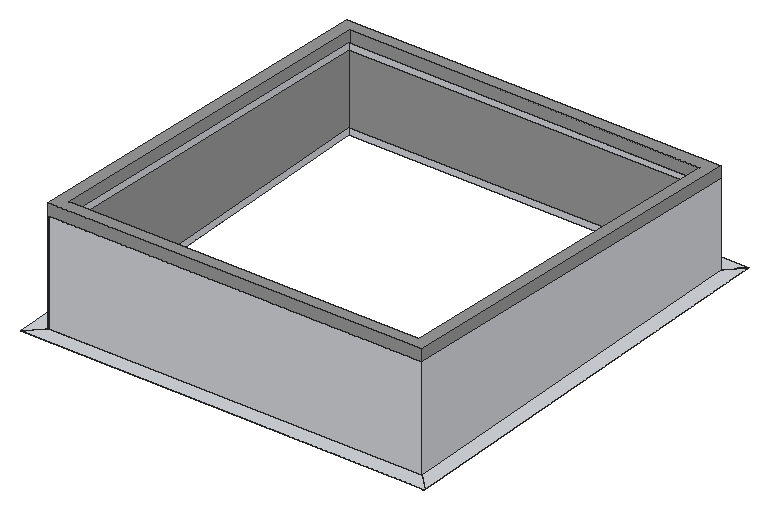
Revit family "UCC-3 (Sloped Roof)", category Mechanical Equipment, Revit 2015
Parameters
  URL = "https://unitedenertech.com/catalog/pdf/M_3%20UCC-3.pdf"
  Type Comments = "Consult Factory for Max. Sizes"
  Roof Slope (Degrees) = 3.00°
  Model = "UCC-3"
  Manufacturer = "United Enertech Corporation"
  Height (12" Standard) = 1' - 0"
  Description = "Conventional Roof Curb (for Sloped Roofs)"
  B Side O.D. = 4' - 0"
  A Side O.D. = 4' - 0"
Reference planes (in)
  plane 1 "Center (Front/Back)": y = 0
  plane 2: z = 0
  plane 3 "Center (Left/Right)": x = 0
  plane 4: x = -24
  plane 5: x = 24
  plane 6: x = -22.5
  plane 7: x = -26
  plane 8: x = -23.9522
  plane 9: x = -22.5478
  plane 10: x = 22.5
  plane 11: x = 26
  plane 12: x = 23.9522
  plane 13: x = 22.5478
  plane 14: y = -24
  plane 15: y = -48
  plane 16: y = 2
  plane 17: y = -50
  plane 18: y = -1.5
  plane 19: y = -46.5
  plane 20: y = -0.0478
  plane 21: y = -1.4522
  plane 22: y = -47.9522
  plane 23: y = -46.5478
  plane 24: z = 0.0478
  plane 25: z = 0.7978
  plane 26: z = 12
  plane 27: z = 10.5
  plane 28: z = 10.4522
  plane 29: z = 9.7022
Forms (in)
  Extrusion 1, solid, material "Wood (Oak)"
    sketch origin (0, 0, 0) x (1, 0, 0) y (0, 1, 0)
      loop
        line (-24, -48) -> (24, -48) -> (24, 0) -> (-24, 0) -> (-24, -48)
      loop
        line (-22.5, -46.5) -> (22.5, -46.5) -> (22.5, -1.5) -> (-22.5, -1.5) -> (-22.5, -46.5)
    from 10.5 to 12
  Extrusion 2, solid
    sketch origin (0, 0, 0) x (0, 1, 0) y (0, 0, 1)
      loop
        line (2, 0.10482) -> (2, 0.15262) -> (0, 0.0478) -> (0, 10.5) -> (-1.5, 10.5) -> (-1.5, 9.7022) -> (-1.4522, 9.7022) -> (-1.4522, 10.4522) -> (-0.0478, 10.4522) -> (-0.0478, 0.04529) -> (-1.4522, -0.02831) -> (-1.4522, 0.7242) -> (-1.5, 0.72169) -> (-1.5, -0.07861) -> (2, 0.10482)
    from -26 to 26
  Extrusion 3, solid, material "Rigid insulation"
    sketch origin (0, 0, 0) x (0, 1, 0) y (0, 0, 1)
      loop
        line (-0.0478, 10.4522) -> (-1.4522, 10.4522) -> (-1.4522, -0.02831) -> (-0.0478, 0.04529) -> (-0.0478, 10.4522)
    from -26 to 26
  Extrusion 4, solid
    sketch origin (0, 0, 0) x (0, 1, 0) y (0, 0, 1)
      loop
        line (-46.5, 9.7022) -> (-46.5, 10.5) -> (-48, 10.5) -> (-48, -2.46777) -> (-50, -2.57259) -> (-50, -2.62039) -> (-46.5, -2.43696) -> (-46.5, -1.63666) -> (-46.5478, -1.63916) -> (-46.5478, -2.39167) -> (-47.9522, -2.46527) -> (-47.9522, 10.4522) -> (-46.5478, 10.4522) -> (-46.5478, 9.7022) -> (-46.5, 9.7022)
    from -26 to 26
  Extrusion 5, solid, material "Rigid insulation"
    sketch origin (0, 0, 0) x (0, 1, 0) y (0, 0, 1)
      loop
        line (-46.5478, 10.4522) -> (-47.9522, 10.4522) -> (-47.9522, -2.46527) -> (-46.5478, -2.39167) -> (-46.5478, 10.4522)
    from -26 to 26
  Extrusion 6, solid
    sketch origin (0, 0, 0) x (1, 0, 0) y (0, 0, 1)
      loop
        line (-22.5, 9.7022) -> (-22.5, 10.5) -> (-24, 10.5) -> (-24, -428.95996) -> (-23.9522, -428.95996) -> (-23.9522, 10.4522) -> (-22.5478, 10.4522) -> (-22.5478, 9.7022) -> (-22.5, 9.7022)
    from -2 to 50
  Extrusion 7, solid
    sketch origin (0, 0, 0) x (-1, 0, 0) y (0, 0, -1)
      loop
        line (-22.5, -9.7022) -> (-22.5478, -9.7022) -> (-22.5478, -10.4522) -> (-23.9522, -10.4522) -> (-23.9522, 428.95996) -> (-24, 428.95996) -> (-24, -10.5) -> (-22.5, -10.5) -> (-22.5, -9.7022)
    from -2 to 50
  Extrusion 8, solid, material "Rigid insulation"
    sketch origin (0, 0, 0) x (1, 0, 0) y (0, 0, 1)
      loop
        line (-23.9522, 10.4522) -> (-23.9522, -430.0796) -> (-22.5478, -430.0796) -> (-22.5478, 10.4522) -> (-23.9522, 10.4522)
    from -2 to 50
  Extrusion 9, solid, material "Rigid insulation"
    sketch origin (0, 0, 0) x (-1, 0, 0) y (0, 0, -1)
      loop
        line (-23.9522, -10.4522) -> (-22.5478, -10.4522) -> (-22.5478, 430.0796) -> (-23.9522, 430.0796) -> (-23.9522, -10.4522)
    from -2 to 50
  Extrusion 10, void
    sketch origin (0, 0, 0) x (0, 1, 0) y (0, 0, 1)
      loop
        line (1539.98588, -827.72679) -> (1539.98588, 80.75504) -> (-1848.96052, -96.85212) -> (-1848.96052, -827.72679) -> (1539.98588, -827.72679)
    from -1946.96496 to 1945.53803
  Extrusion 11, solid
    sketch origin (0, 0, 0) x (0, 1, 0) y (0, 0, 1)
      loop
        line (2, 0.15262) -> (-50, -2.57259) -> (-50, -2.62039) -> (2, 0.10482) -> (2, 0.15262)
    from 22.5 to 26
  Extrusion 12, solid
    sketch origin (0, 0, 0) x (0, 1, 0) y (0, 0, 1)
      loop
        line (2, 0.15262) -> (-50, -2.57259) -> (-50, -2.62039) -> (2, 0.10482) -> (2, 0.15262)
    from -26 to -22.5
  Extrusion 13, solid
    sketch origin (0, 0, 0) x (0, 1, 0) y (0, 0, 1)
      loop
        line (2, 0.15262) -> (2, 0.90512) -> (-50, -1.82008) -> (-50, -2.57259) -> (2, 0.15262)
    from 22.5 to 22.5478
  Extrusion 14, solid
    sketch origin (0, 0, 0) x (0, 1, 0) y (0, 0, 1)
      loop
        line (2, 0.15262) -> (2, 0.90512) -> (-50, -1.82008) -> (-50, -2.57259) -> (2, 0.15262)
    from -22.5478 to -22.5
  Extrusion 15, void
    sketch origin (-191.89087, -13.10913, 0) x (1, 0, 0) y (0, 1, 0)
      loop
        line (179, 2) -> (217.89087, -36.89087) -> (217.89087, 2) -> (179, 2)
    from -2006.82729 to 2138.34847
  Extrusion 16, void
    sketch origin (-205, 0, 0) x (1, 0, 0) y (0, 1, 0)
      loop
        line (179, 2) -> (217.89087, -36.89087) -> (217.89087, 2) -> (179, 2)
    from -881.45511 to 862.93278
  Extrusion 17, void
    sketch origin (-374.18377, -13.81623, 0) x (1, 0, 0) y (0, 1, 0)
      loop
        line (362, 2) -> (362, -36.18377) -> (400.18377, -36.18377) -> (362, 2)
    from -1543.39343 to 1601.99525
  Extrusion 18, void
    sketch origin (-388, 0, 0) x (1, 0, 0) y (0, 1, 0)
      loop
        line (362, 2) -> (362, -36.18377) -> (400.18377, -36.18377) -> (362, 2)
    from -1264.82126 to 1289.0614
  Extrusion 19, void
    sketch origin (-309.57359, -9.57359, 0) x (1, 0, 0) y (0, 1, 0)
      loop
        line (326, 2) -> (283.57359, 2) -> (283.57359, -40.42641) -> (326, 2)
    from -648.56333 to 783.45599
  Extrusion 20, void
    sketch origin (-300, 0, 0) x (1, 0, 0) y (0, 1, 0)
      loop
        line (326, 2) -> (283.57359, 2) -> (283.57359, -40.42641) -> (326, 2)
    from -545.44763 to 548.20784
  Extrusion 21, void
    sketch origin (-202.1242, -17.92592, 0) x (1, 0, 0) y (0, 1, 0)
      loop
        line (177.21251, -30.98577) -> (228.1242, -30.98577) -> (228.1242, 19.92592) -> (177.21251, -30.98577)
    from -670.35467 to 594.03719
  Extrusion 22, void
    sketch origin (-203.21251, -19.01423, 0) x (1, 0, 0) y (0, 1, 0)
      loop
        line (177.21251, -30.98577) -> (228.1242, -30.98577) -> (228.1242, 19.92592) -> (177.21251, -30.98577)
    from -991.34178 to 1098.46394
Cuts and joins
  Extrusion 10, Extrusion 16, Extrusion 22 cuts Extrusion 8
  Extrusion 10, Extrusion 16, Extrusion 22 cuts Extrusion 6
  Extrusion 10, Extrusion 17, Extrusion 20 cuts Extrusion 9
  Extrusion 10, Extrusion 17, Extrusion 20 cuts Extrusion 7
  Extrusion 16, Extrusion 22 cuts Extrusion 12
  Extrusion 16, Extrusion 22 cuts Extrusion 14
  Extrusion 15, Extrusion 19 cuts Extrusion 4
  Extrusion 15, Extrusion 19 cuts Extrusion 5
  Extrusion 18, Extrusion 21 cuts Extrusion 2
  Extrusion 18, Extrusion 21 cuts Extrusion 3
  Extrusion 17, Extrusion 20 cuts Extrusion 13
  Extrusion 17, Extrusion 20 cuts Extrusion 11
Lines and regions (in)
  reference lines
    curve 1: line (0, 0, 0) -> (0, -91.87392, -4.81491)
    curve 2: line (0, 0, 0.0478) -> (0, -105.85473, -5.49981)
    curve 3: line (0, -0.0478, 0.7978) -> (0, -113.89157, -5.1685)
Dimensions and locks (in)
  equal spacing: plane 4, plane 3 "Center (Left/Right)", plane 5
  "A Side O.D.": plane 4 to plane 5
  locked: plane 4 to plane 6 at 1.5
  locked: plane 7 to plane 4 at 2
  locked: plane 4 to plane 8 at 0.0478
  locked: plane 9 to plane 6 at 0.0478
  locked: plane 13 to plane 10 at 0.0478
  locked: plane 12 to plane 5 at 0.0478
  locked: plane 10 to plane 5 at 1.5
  locked: plane 5 to plane 11 at 2
  equal spacing: plane 15, plane 14, plane 1 "Center (Front/Back)"
  "B Side O.D.": plane 1 "Center (Front/Back)" to plane 15
  locked: plane 1 "Center (Front/Back)" to plane 16 at 2
  locked: plane 17 to plane 15 at 2
  locked: plane 1 "Center (Front/Back)" to plane 18 at 1.5
  locked: plane 19 to plane 15 at 1.5
  locked: plane 1 "Center (Front/Back)" to plane 20 at 0.0478
  locked: plane 21 to plane 18 at 0.0478
  locked: plane 23 to plane 19 at 0.0478
  locked: plane 15 to plane 22 at 0.0478
  locked: plane 24 to level at 0.0478
  locked: plane 25 to plane 24 at 0.75
  locked: plane 26 to plane 27 at 1.5
  locked: plane 27 to plane 28 at 0.0478
  locked: plane 28 to plane 29 at 0.75
  "Height (12" Standard)": plane 26 to level
  "Roof Slope (Degrees)": angle curve 1 to level
  "Roof Slope (Degrees)": angle curve 2 to plane 24
  "Roof Slope (Degrees)": angle curve 3 to plane 25
  locked: Extrusion 15 sketch curve to Extrusion 15 sketch curve (angle 45.00°)  (x2)
  locked: Extrusion 16 sketch curve to Extrusion 16 sketch curve (angle 45.00°)  (x2)
  locked: Extrusion 17 sketch curve to Extrusion 17 sketch curve (angle 45.00°)  (x2)
  locked: Extrusion 18 sketch curve to Extrusion 18 sketch curve (angle 45.00°)  (x2)
  locked: Extrusion 19 sketch curve to Extrusion 19 sketch curve (angle 45.00°)  (x2)
  locked: Extrusion 20 sketch curve to Extrusion 20 sketch curve (angle 45.00°)  (x2)
  locked: Extrusion 21 sketch curve to Extrusion 21 sketch curve (angle 45.00°)  (x2)
  locked: Extrusion 22 sketch curve to Extrusion 22 sketch curve (angle 45.00°)  (x2)
  aligned and locked: level to plane 2
  aligned and locked: Extrusion 1 sketch curve to plane 4
  aligned and locked: Extrusion 1 sketch curve to plane 1 "Center (Front/Back)"
  aligned and locked: Extrusion 1 sketch curve to plane 5
  aligned and locked: Extrusion 1 sketch curve to plane 15
  aligned and locked: plane 19 to Extrusion 1 sketch curve
  aligned and locked: Extrusion 1 sketch curve to plane 6
  aligned and locked: Extrusion 1 sketch curve to plane 10
  aligned and locked: plane 18 to Extrusion 1 sketch curve
  aligned and locked: plane 26 to Extrusion 1
  aligned and locked: Extrusion 1 to plane 27
  aligned and locked: plane 16 to Extrusion 2 sketch curve
  aligned and locked: Extrusion 2 sketch curve to curve 1
  aligned and locked: Extrusion 2 sketch curve to curve 2  (x2)
  aligned and locked: Extrusion 2 sketch curve to plane 1 "Center (Front/Back)"
  aligned and locked: Extrusion 2 sketch curve to plane 20
  aligned and locked: plane 21 to Extrusion 2 sketch curve  (x2)
  aligned and locked: Extrusion 2 sketch curve to plane 18  (x2)
  aligned and locked: Extrusion 2 sketch curve to curve 3
  aligned and locked: plane 27 to Extrusion 2 sketch curve
  aligned and locked: Extrusion 2 sketch curve to plane 28
  aligned and locked: Extrusion 2 sketch curve to plane 29
  aligned and locked: Extrusion 2 to plane 7
  aligned and locked: Extrusion 2 to plane 11
  aligned and locked: plane 20 to Extrusion 3 sketch curve
  aligned and locked: plane 28 to Extrusion 3 sketch curve
  aligned and locked: Extrusion 3 sketch curve to plane 21
  aligned and locked: curve 2 to Extrusion 3 sketch curve
  aligned and locked: Extrusion 3 to plane 7
  aligned and locked: Extrusion 3 to plane 11
  aligned and locked: Extrusion 4 sketch curve to plane 17
  aligned and locked: plane 15 to Extrusion 4 sketch curve
  aligned and locked: plane 22 to Extrusion 4 sketch curve
  aligned and locked: Extrusion 4 sketch curve to curve 1
  aligned and locked: curve 2 to Extrusion 4 sketch curve  (x2)
  aligned and locked: Extrusion 4 sketch curve to plane 27
  aligned and locked: plane 28 to Extrusion 4 sketch curve
  aligned and locked: Extrusion 4 sketch curve to plane 23  (x2)
  aligned and locked: plane 19 to Extrusion 4 sketch curve  (x2)
  aligned and locked: plane 29 to Extrusion 4 sketch curve
  aligned and locked: curve 3 to Extrusion 4 sketch curve
  aligned and locked: Extrusion 5 sketch curve to plane 22
  aligned and locked: Extrusion 5 sketch curve to plane 28
  aligned and locked: plane 23 to Extrusion 5 sketch curve
  aligned and locked: Extrusion 5 sketch curve to curve 2
  aligned and locked: plane 7 to Extrusion 4
  aligned and locked: plane 7 to Extrusion 5
  aligned and locked: Extrusion 5 to plane 11
  aligned and locked: Extrusion 4 to plane 11
  aligned and locked: Extrusion 6 sketch curve to plane 4
  aligned and locked: plane 27 to Extrusion 6 sketch curve
  aligned and locked: Extrusion 6 sketch curve to plane 28
  aligned and locked: Extrusion 6 sketch curve to plane 8
  aligned and locked: Extrusion 6 sketch curve to plane 9
  aligned and locked: Extrusion 6 sketch curve to plane 29
  aligned and locked: plane 6 to Extrusion 6 sketch curve
  aligned and locked: plane 29 to Extrusion 7 sketch curve
  aligned and locked: Extrusion 7 sketch curve to plane 10
  aligned and locked: plane 13 to Extrusion 7 sketch curve
  aligned and locked: Extrusion 7 sketch curve to plane 12
  aligned and locked: plane 5 to Extrusion 7 sketch curve
  aligned and locked: plane 28 to Extrusion 7 sketch curve
  aligned and locked: Extrusion 7 sketch curve to plane 27
  aligned and locked: plane 16 to Extrusion 6
  aligned and locked: plane 17 to Extrusion 6
  aligned and locked: plane 17 to Extrusion 7
  aligned and locked: plane 16 to Extrusion 7
  aligned and locked: Extrusion 8 sketch curve to plane 8
  aligned and locked: Extrusion 8 sketch curve to plane 9
  aligned and locked: Extrusion 8 sketch curve to plane 28
  aligned and locked: plane 13 to Extrusion 9 sketch curve
  aligned and locked: plane 28 to Extrusion 9 sketch curve
  aligned and locked: Extrusion 9 sketch curve to plane 12
  aligned and locked: plane 16 to Extrusion 8
  aligned and locked: plane 16 to Extrusion 9
  aligned and locked: plane 17 to Extrusion 9
  aligned and locked: plane 17 to Extrusion 8
  aligned and locked: plane 16 to Extrusion 11 sketch curve
  aligned and locked: plane 17 to Extrusion 11 sketch curve
  aligned and locked: Extrusion 11 sketch curve to curve 2
  aligned and locked: Extrusion 11 sketch curve to curve 1
  aligned and locked: plane 16 to Extrusion 12 sketch curve
  aligned and locked: plane 17 to Extrusion 12 sketch curve
  aligned and locked: Extrusion 12 sketch curve to curve 2
  aligned and locked: Extrusion 12 sketch curve to curve 1
  aligned and locked: Extrusion 12 to plane 6
  aligned and locked: Extrusion 12 to plane 7
  aligned and locked: plane 10 to Extrusion 11
  aligned and locked: Extrusion 11 to plane 11
  aligned and locked: Extrusion 13 sketch curve to plane 16
  aligned and locked: Extrusion 13 sketch curve to plane 17
  aligned and locked: Extrusion 13 sketch curve to curve 3
  aligned and locked: Extrusion 13 sketch curve to curve 2
  aligned and locked: Extrusion 14 sketch curve to plane 16
  aligned and locked: Extrusion 14 sketch curve to plane 17
  aligned and locked: Extrusion 14 sketch curve to curve 3
  aligned and locked: Extrusion 14 sketch curve to curve 2
  aligned and locked: Extrusion 13 to plane 13
  aligned and locked: plane 10 to Extrusion 13
  aligned and locked: Extrusion 14 to plane 9
  aligned and locked: Extrusion 14 to plane 6
  aligned and locked: Extrusion 10 sketch curve to curve 2
  aligned and locked: plane 16 to Extrusion 16 sketch curve
  aligned and locked: plane 7 to Extrusion 16 sketch curve
  aligned and locked: plane 17 to Extrusion 15 sketch curve
  aligned and locked: plane 11 to Extrusion 15 sketch curve
  aligned and locked: plane 16 to Extrusion 18 sketch curve
  aligned and locked: plane 7 to Extrusion 18 sketch curve
  aligned and locked: plane 17 to Extrusion 17 sketch curve
  aligned and locked: plane 11 to Extrusion 17 sketch curve
  aligned and locked: plane 11 to Extrusion 20 sketch curve
  aligned and locked: plane 16 to Extrusion 20 sketch curve
  aligned and locked: plane 17 to Extrusion 19 sketch curve
  aligned and locked: Extrusion 19 sketch curve to plane 7
  aligned and locked: plane 16 to Extrusion 21 sketch curve
  aligned and locked: plane 11 to Extrusion 21 sketch curve
  aligned and locked: plane 17 to Extrusion 22 sketch curve
  aligned and locked: Extrusion 22 sketch curve to plane 7
Automatic sketch dimensions
  Extrusion 6 sketch curve to level = 35' - 8.95996"
  level to Extrusion 7 sketch curve = 35' - 8.95996"
  Extrusion 8 sketch curve to level = 35' - 10.0796"
  level to Extrusion 9 sketch curve = 35' - 10.0796"
  Extrusion 10 sketch curve to level = 68' - 11.72679"
  plane 17 to Extrusion 10 sketch curve = 149' - 10.96052"
  plane 26 to Extrusion 10 sketch curve = 5' - 8.75504"
  plane 6 to Extrusion 15 sketch curve = 0' - 9.60913"
  plane 10 to Extrusion 16 sketch curve = 0' - 9.60913"
  plane 6 to Extrusion 17 sketch curve = 0' - 10.31623"
  plane 10 to Extrusion 18 sketch curve = 0' - 10.31623"
  plane 10 to Extrusion 19 sketch curve = 0' - 6.07359"
  plane 6 to Extrusion 20 sketch curve = 0' - 6.07359"
  Extrusion 21 sketch curve to plane 14 = 2' - 0.91169"
  Extrusion 22 sketch curve to Extrusion 22 sketch curve = 4' - 2.91169"
  curve 3 to plane 20 = 0' - 0"
  curve 2 to plane 1 "Center (Front/Back)" = 0' - 0"
  curve 1 to level = 0' - 0"
  curve 1 to plane 1 "Center (Front/Back)" = 0' - 0"
  curve 2 to plane 24 = 0' - 0"
  curve 3 to plane 25 = 0' - 0"
